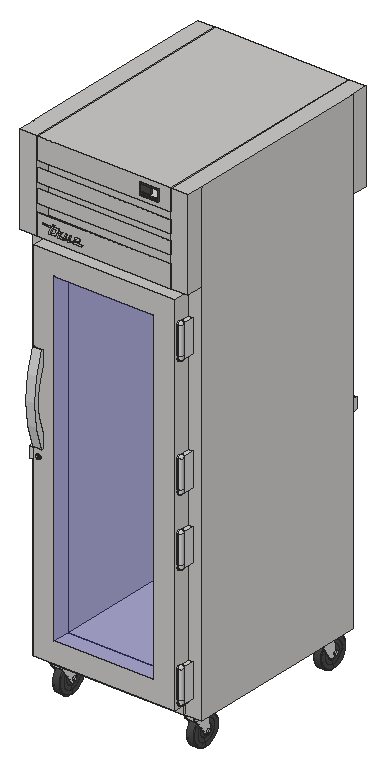
Revit family "QF_TRUE_STG1RPT-1G-1S-HC", category Specialty Equipment, Revit 2012
Parameters
  Weight in Pounds = 0
  Watts = Volts * FL Amps  # 437 W
  Volts = 115 V
  URL Manufacturer = "www.truemfg.com"
  URL Cutsheet = "www.truemfg.com"
  URL = "www.truemfg.com"
  Type Mark [instance] = ""
  Type Comments = "www.truemfg.com"
  Status [instance] = ""
  Specification by User [instance] = ""
  Specification by Manufacturer = ""
  Show Seismic Flanged [instance] = no
  Show Logo [instance] = yes
  Show Legs [instance] = no
  Show Clearance [instance] = yes
  Serial Number = ""
  Seismic Rating = ""
  Seismic Plate [instance] = and(Show Seismic Flanged, not(Show Casters))  # no
  SMACNA No = ""
  Revision Code [instance] = ""
  Phase = 1
  Omniclass Number and Title = ""
  Number of Poles [instance] = 1
  NAFEM Spec ID Number = ""
  Model = "STG1RPT-1G-1S-HC"
  Min Ckt Ampacity = 3.8 A
  Max Overcurrent Protection = 3.8 A
  MasterSpec. = ""
  Manufacturer = "TRUE FOOD SERVICE EQUIPMENT, INC."
  Length = 27 1/2"
  Legs [instance] = or(Show Legs, Show Seismic Flanged)  # no
  Item Number [instance] = ""
  Installed By [instance] = ""
  Identify Quantity as Lot [instance] = yes
  Height = 77 3/4"
  HP = "1/4"
  Furnished By [instance] = ""
  Foodservice Equipment Identifier [instance] = yes
  FL Amps = 3.8 A
  Electrical Remarks [instance] = ""
  Electric Connection Type [instance] = ""
  Elec Conn RI Height [instance] = 0"
  Elec Conn Connection Height [instance] = 0"
  Description = "PASS-THRU GLASS FRONT/SOLID REAR SWING DOORS REFRIGERATOR WITH HYDROCARBON REFRIGERANT WITH LED LIGHTING"
  Depth = 36 1/8"
  Cycle = 60 Hz
  Conn Plug = "5-15P"
  Conn Conduit = yes
  Show Casters [instance] = and(not(if(Show Legs, Show Legs, Show Legs)), not(if(Show Legs, Show Legs, Show Seismic Flanged)))  # yes
  CSI MasterFormat = ""
  CSI Master Format = ""
  Apparent Power = if(Phase = 3, Volts * FL Amps * 1.73, Volts * FL Amps)  # 437 VA
Reference planes (in)
  plane 1: z = 0
  plane 2 "LEFT": x = 0
  plane 3 "RIGHT": x = 27.5
  plane 4 "FRONT": y = -33.75
  plane 5 "TOP": z = 84.125
  plane 6: z = 6.125
  plane 7: y = -33.8917
  plane 8: y = 2.375
  plane 9: y = 4.03125
  plane 10: y = -35.40625
  plane 11: y = 25.40625
  plane 12: y = -56.78125
Forms (in)
  Extrusion 1, solid, material "QF_Finishes_Stainless Steel"
    sketch origin (0.09687, 0, 0) x (1, 0, 0) y (0, 1, 0)
      loop
        line (-0.09687, -0.375) -> (-0.09687, -31) -> (2.7625, -31) -> (2.7625, -0.375) -> (-0.09687, -0.375)
    from 6.125 to 84.125
  Extrusion 2, solid, material "QF_Finishes_Stainless Steel"
    sketch origin (50.15, 0, 0) x (1, 0, 0) y (0, 1, 0)
      loop
        line (-25.50937, -0.375) -> (-25.50937, -31) -> (-22.65, -31) -> (-22.65, -0.375) -> (-25.50937, -0.375)
    from 6.125 to 84.125
  Extrusion 3, solid, material "QF_Finishes_Stainless Steel"
    sketch origin (0, -0.1875, 0) x (0, 1, 0) y (0, 0, 1)
      loop
        line (-33.5625, 69.5) -> (-31, 69.5) -> (-31, 64.625) -> (0, 64.625) -> (0, 69.5) -> (2.5625, 69.5) -> (2.5625, 73.29302) -> (0.21659, 71.625) -> (0.21659, 72.90057) -> (2.5625, 74.56859) -> (2.5625, 76.6648) -> (0.21659, 74.99678) -> (0.21659, 75.95754) -> (2.5625, 77.62556) -> (2.5625, 79.75927) -> (0.21659, 78.09125) -> (0.21659, 79.21352) -> (2.5625, 80.88154) -> (2.5625, 84.125) -> (-33.5625, 84.125) -> (-33.5625, 80.68002) -> (-31.5, 79.21352) -> (-31.5, 78.09125) -> (-33.5625, 79.55776) -> (-33.5625, 77.42405) -> (-31.5, 75.95754) -> (-31.5, 74.99678) -> (-33.5625, 76.46328) -> (-33.5625, 74.36708) -> (-31.5, 72.90057) -> (-31.5, 71.625) -> (-33.5625, 73.09151) -> (-33.5625, 69.5)
      loop
        line (-31, 6.125) -> (0, 6.125) -> (0, 8.94743) -> (-31, 8.94743) -> (-31, 6.125)
    from 2.85938 to 24.64063
  Extrusion 4, solid, material "QF_Finishes_Stainless Steel"
    sketch origin (0.10531, 0, 0) x (1, 0, 0) y (0, 1, 0)
      loop
        line (27.34782, -31) -> (24.53532, -31) -> (24.53532, -33.75) -> (27.34782, -33.75) -> (27.34782, -31)
    from 69.5 to 84.125
  Extrusion 5, solid, material "QF_Finishes_Stainless Steel"
    sketch origin (-50.19421, 0, 0.25) x (1, 0, 0) y (0, 1, 0)
      loop
        line (53.05359, -31) -> (50.24109, -31) -> (50.24109, -33.75) -> (53.05359, -33.75) -> (53.05359, -31)
    from 69.25 to 83.875
  Extrusion 6, solid, material "QF_Finishes_Stainless Steel"
    sketch origin (-25.125, 0, -0.71875) x (1, 0, 0) y (0, 0, 1)
      loop
        line (27.40625, 8.75) -> (50.34375, 8.75) -> (50.34375, 68.6875) -> (27.40625, 68.6875) -> (27.40625, 8.75)
      loop
        line (30.75, 12.09375) -> (47, 12.09375) -> (47, 65.34375) -> (30.75, 65.34375) -> (30.75, 12.09375)
    from 31 to 33.75
  Extrusion 7, solid, material "QF_Finishes_Handrails and Railings"
    sketch origin (-8.56481, -0.26185, 93.525) x (0, 1, 0) y (0, 0, 1)
      loop
        line (-33.48815, -54.775) -> (-33.48815, -52.39813)
        arc (-33.48815, -52.39813) -> (-34.66767, -47.525) -> (-33.48815, -42.65188) r 10.65627
        line (-33.48815, -42.65188) -> (-33.48815, -40.275) -> (-33.7, -40.275)
        arc (-33.7, -40.275) -> (-35.1444, -47.525) -> (-33.7, -54.775) r 18.91753
        line (-33.7, -54.775) -> (-33.48815, -54.775)
    from 10.87731 to 12.37731
  Extrusion 8, solid, material "QF_Finishes_Handrails and Railings"
    sketch origin (-23.375, -0.1875, -2.6875) x (1, 0, 0) y (0, 0, 1)
      loop
        circle (26.4375, 40.0625) r 0.35
      loop
        line (26.47265, 40.33635) -> (26.41715, 40.33635) -> (26.41715, 39.76895) -> (26.47265, 39.76895) -> (26.47265, 40.33635)
    from 33.5625 to 33.625
  Extrusion 9, solid, material "QF_Finishes_Handrails and Railings", visible <- "Show Logo"
    sketch origin (0.33478, 1.08173, -6.73143) x (1, 0, 0) y (0, 0, 1)
      loop
        line (3.46044, 78.46231) -> (3.35478, 78.23573) -> (4.76027, 78.23573)
        arc (4.76027, 78.23573) -> (4.78879, 78.18528) -> (4.76027, 78.13484) r 0.05887
        line (4.76027, 78.13484) -> (4.39369, 77.34872)
        arc (4.39369, 77.34872) -> (4.39051, 77.27591) -> (4.43975, 77.22217) r 0.09523
        line (4.43975, 77.22217) -> (5.33844, 77.22217)
        arc (5.33844, 77.22217) -> (5.45192, 77.25795) -> (5.52436, 77.35235) r 0.19785
        line (5.52436, 77.35235) -> (5.81285, 77.97101) -> (6.0779, 77.97101)
        arc (6.0779, 77.97101) -> (6.14744, 77.94543) -> (6.13737, 77.87203) r 0.05911
        line (6.13737, 77.87203) -> (5.89598, 77.35437)
        arc (5.89598, 77.35437) -> (5.89974, 77.2684) -> (5.97231, 77.22217) r 0.09318
        line (5.97231, 77.22217) -> (6.76198, 77.22217)
        arc (6.76198, 77.22217) -> (6.82249, 77.24419) -> (6.85468, 77.29995) r 0.09412
        arc (6.85468, 77.29995) -> (6.87746, 77.24495) -> (6.93246, 77.22217) r 0.07778
        line (6.93246, 77.22217) -> (7.43246, 77.22217)
        arc (7.43246, 77.22217) -> (7.49022, 77.23765) -> (7.53251, 77.27993) r 0.11552
        arc (7.53251, 77.27993) -> (7.55275, 77.23106) -> (7.60162, 77.21081) r 0.06912
        line (7.60162, 77.21081) -> (8.31225, 77.21081)
        arc (8.31225, 77.21081) -> (8.37034, 77.23488) -> (8.39441, 77.29297) r 0.08216
        arc (8.39441, 77.29297) -> (8.44767, 77.23972) -> (8.52042, 77.22022) r 0.14551
        line (8.52042, 77.22022) -> (9.85158, 77.22022) -> (9.99946, 77.47634) -> (8.65678, 77.47634)
        arc (8.65678, 77.47634) -> (8.61972, 77.50204) -> (8.61834, 77.54711) r 0.05009
        line (8.61834, 77.54711) -> (8.64157, 77.59692)
        arc (8.64157, 77.59692) -> (8.67723, 77.64364) -> (8.73327, 77.66135) r 0.09747
        line (8.73327, 77.66135) -> (9.16485, 77.66135)
        arc (9.16485, 77.66135) -> (9.258, 77.68631) -> (9.32619, 77.7545) r 0.1863
        line (9.32619, 77.7545) -> (9.45119, 77.97101)
        arc (9.45119, 77.97101) -> (9.45119, 78.08657) -> (9.35111, 78.14434) r 0.11556
        line (9.35111, 78.14434) -> (8.89562, 78.14434)
        arc (8.89562, 78.14434) -> (8.7795, 78.12462) -> (8.69849, 78.03912) r 0.18605
        line (8.69849, 78.03912) -> (8.48204, 77.57493)
        arc (8.48204, 77.57493) -> (8.41815, 77.49167) -> (8.31806, 77.46011) r 0.1745
        line (8.31806, 77.46011) -> (7.84559, 77.46011)
        arc (7.84559, 77.46011) -> (7.78903, 77.52184) -> (7.79268, 77.60548) r 0.10939
        line (7.79268, 77.60548) -> (8.04395, 78.14434) -> (7.88403, 78.14434) -> (7.61781, 77.57344)
        arc (7.61781, 77.57344) -> (7.56609, 77.50603) -> (7.48505, 77.48048) r 0.14128
        line (7.48505, 77.48048) -> (7.15925, 77.48048)
        arc (7.15925, 77.48048) -> (7.10419, 77.55223) -> (7.116, 77.64189) r 0.11816
        line (7.116, 77.64189) -> (7.3503, 78.14434) -> (7.18514, 78.14434) -> (6.91546, 77.566)
        arc (6.91546, 77.566) -> (6.85285, 77.50339) -> (6.76733, 77.48048) r 0.17104
        line (6.76733, 77.48048) -> (6.29555, 77.48048)
        arc (6.29555, 77.48048) -> (6.21082, 77.51999) -> (6.20267, 77.61313) r 0.0935
        line (6.20267, 77.61313) -> (6.35774, 77.94569) -> (6.57695, 77.94569)
        arc (6.57695, 77.94569) -> (6.61395, 78.05717) -> (6.69267, 78.14434) r 0.2857
        line (6.69267, 78.14434) -> (5.83605, 78.14434)
        arc (5.83605, 78.14434) -> (5.74086, 78.12324) -> (5.67498, 78.05135) r 0.16212
        line (5.67498, 78.05135) -> (5.44279, 77.55341)
        arc (5.44279, 77.55341) -> (5.3894, 77.50002) -> (5.31647, 77.48048) r 0.14586
        line (5.31647, 77.48048) -> (4.80506, 77.48048)
        arc (4.80506, 77.48048) -> (4.76514, 77.53442) -> (4.77274, 77.60109) r 0.09155
        line (4.77274, 77.60109) -> (5.11018, 78.23573) -> (5.96155, 78.23573) -> (6.06721, 78.46231) -> (5.21584, 78.46231) -> (5.32149, 78.68888) -> (5.01862, 78.68888) -> (4.91297, 78.46231) -> (3.46044, 78.46231)
      loop
        arc (8.83805, 77.93863) -> (8.80119, 77.92875) -> (8.7742, 77.90176) r 0.07373
        line (8.7742, 77.90176) -> (8.75229, 77.83436)
        arc (8.75229, 77.83436) -> (8.76245, 77.80983) -> (8.78699, 77.79966) r 0.0347
        line (8.78699, 77.79966) -> (9.15948, 77.79966)
        arc (9.15948, 77.79966) -> (9.18632, 77.80561) -> (9.20812, 77.82234) r 0.0635
        line (9.20812, 77.82234) -> (9.22624, 77.90622)
        arc (9.22624, 77.90622) -> (9.22091, 77.92868) -> (9.20009, 77.93863) r 0.02676
        line (9.20009, 77.93863) -> (8.83805, 77.93863)
    from 34.64423 to 34.83173
  Extrusion 10, solid
    sketch origin (-25.125, 2.60721, 0) x (1, 0, 0) y (0, 0, 1)
      loop
        circle (49.375, 82) r 0.25
    from 0.23221 to 0.125
  Blend 11, solid, material "QF_Finishes_Handrails and Railings"
    base sketch origin (27.53125, 0, -0.6875) x (-1, 0, 0) y (0, 0, -1)
      loop
        line (25.25, -38.99169) -> (26, -38.99169) -> (26, -37.24169) -> (25.25, -37.24169) -> (25.25, -38.99169)
    top sketch origin (27.53125, 0, -0.6875) x (-1, 0, 0) y (0, 0, -1)
      loop
        line (26.18223, -36.6441) -> (25.25, -36.6441) -> (25.25, -39.42643) -> (26.18223, -39.42643) -> (26.18223, -36.6441)
    from 33.5625 to 31
  Extrusion 12, solid, material "QF_Finishes_Handrails and Railings"
    sketch origin (26.21875, 0.10979, 0) x (0, 1, 0) y (0, 0, -1)
      loop
        line (-31.10979, -64.55229) -> (-31.10979, -59.23627) -> (-33.25, -59.23627) -> (-33.25, -59.94848) -> (-32.81497, -59.94848) -> (-32.81497, -64.34776)
        arc (-32.81497, -64.34776) -> (-32.75506, -64.49238) -> (-32.61044, -64.55229) r 0.20453
        line (-32.61044, -64.55229) -> (-31.10979, -64.55229)
    from 0.17506 to 1
  Revolve 13, solid, material "QF_Finishes_Handrails and Railings"
    sketch origin (25.71875, 0.10979, 0) x (0, 1, 0) y (0, 0, -1)
      loop
        line (-33.26563, -60.00189) -> (-33.67229, -60.00189) -> (-33.67229, -64.4736)
        arc (-33.67229, -64.4736) -> (-33.53722, -64.72557) -> (-33.26563, -64.81483) r 0.3848
        line (-33.26563, -64.81483) -> (-33.26563, -60.00189)
      loop
        line (-33.26563, -59.94848) -> (-33.26563, -59.04781)
        arc (-33.26563, -59.04781) -> (-33.53264, -59.13383) -> (-33.67229, -59.37712) r 0.38884
        line (-33.67229, -59.37712) -> (-33.67229, -59.94848) -> (-33.26563, -59.94848)
      axis (-33.26563, -59.04781) -> (-33.26563, -64.81483)
    angle from 0 to 360
  Extrusion 14, solid, material "QF_Finishes_Handrails and Railings"
    sketch origin (27.53125, 0.10979, 0) x (-1, 0, 0) y (0, 0, -1)
      loop
        line (1.91491, -64.4736) -> (2.3125, -64.4736) -> (2.3125, -60.00079) -> (1.91491, -60.00079) -> (1.91491, -64.4736)
    from 32.81497 to 33.59495
  Extrusion 15, solid, material "QF_Finishes_Handrails and Railings"
    sketch origin (26.21875, 0.10979, -19.5) x (0, 1, 0) y (0, 0, -1)
      loop
        line (-31.10979, -64.55229) -> (-31.10979, -59.23627) -> (-33.25, -59.23627) -> (-33.25, -59.94848) -> (-32.81497, -59.94848) -> (-32.81497, -64.34776)
        arc (-32.81497, -64.34776) -> (-32.75506, -64.49238) -> (-32.61044, -64.55229) r 0.20453
        line (-32.61044, -64.55229) -> (-31.10979, -64.55229)
    from 0.17506 to 1
  Revolve 16, solid, material "QF_Finishes_Handrails and Railings"
    sketch origin (25.71875, 0.10979, -19.5) x (0, 1, 0) y (0, 0, -1)
      loop
        line (-33.26563, -60.00189) -> (-33.67229, -60.00189) -> (-33.67229, -64.4736)
        arc (-33.67229, -64.4736) -> (-33.53722, -64.72557) -> (-33.26563, -64.81483) r 0.3848
        line (-33.26563, -64.81483) -> (-33.26563, -60.00189)
      loop
        line (-33.26563, -59.94848) -> (-33.26563, -59.04781)
        arc (-33.26563, -59.04781) -> (-33.53264, -59.13383) -> (-33.67229, -59.37712) r 0.38884
        line (-33.67229, -59.37712) -> (-33.67229, -59.94848) -> (-33.26563, -59.94848)
      axis (-33.26563, -59.04781) -> (-33.26563, -64.81483)
    angle from 0 to 360
  Extrusion 17, solid, material "QF_Finishes_Handrails and Railings"
    sketch origin (27.53125, 0.10979, -19.5) x (-1, 0, 0) y (0, 0, -1)
      loop
        line (1.91491, -64.4736) -> (2.3125, -64.4736) -> (2.3125, -60.00079) -> (1.91491, -60.00079) -> (1.91491, -64.4736)
    from 32.81497 to 33.59495
  Extrusion 18, solid, material "QF_Finishes_Handrails and Railings"
    sketch origin (26.21875, 0.10979, -30.5) x (0, 1, 0) y (0, 0, -1)
      loop
        line (-31.10979, -64.55229) -> (-31.10979, -59.23627) -> (-33.25, -59.23627) -> (-33.25, -59.94848) -> (-32.81497, -59.94848) -> (-32.81497, -64.34776)
        arc (-32.81497, -64.34776) -> (-32.75506, -64.49238) -> (-32.61044, -64.55229) r 0.20453
        line (-32.61044, -64.55229) -> (-31.10979, -64.55229)
    from 0.17506 to 1
  Revolve 19, solid, material "QF_Finishes_Handrails and Railings"
    sketch origin (25.71875, 0.10979, -30.5) x (0, 1, 0) y (0, 0, -1)
      loop
        line (-33.26563, -60.00189) -> (-33.67229, -60.00189) -> (-33.67229, -64.4736)
        arc (-33.67229, -64.4736) -> (-33.53722, -64.72557) -> (-33.26563, -64.81483) r 0.3848
        line (-33.26563, -64.81483) -> (-33.26563, -60.00189)
      loop
        line (-33.26563, -59.94848) -> (-33.26563, -59.04781)
        arc (-33.26563, -59.04781) -> (-33.53264, -59.13383) -> (-33.67229, -59.37712) r 0.38884
        line (-33.67229, -59.37712) -> (-33.67229, -59.94848) -> (-33.26563, -59.94848)
      axis (-33.26563, -59.04781) -> (-33.26563, -64.81483)
    angle from 0 to 360
  Extrusion 20, solid, material "QF_Finishes_Handrails and Railings"
    sketch origin (27.53125, 0.10979, -30.5) x (-1, 0, 0) y (0, 0, -1)
      loop
        line (1.91491, -64.4736) -> (2.3125, -64.4736) -> (2.3125, -60.00079) -> (1.91491, -60.00079) -> (1.91491, -64.4736)
    from 32.81497 to 33.59495
  Extrusion 21, solid, material "QF_Finishes_Handrails and Railings"
    sketch origin (26.21875, 0.10979, -50.25) x (0, 1, 0) y (0, 0, -1)
      loop
        line (-31.10979, -64.55229) -> (-31.10979, -59.19743) -> (-33.25, -59.19743) -> (-33.25, -59.94848) -> (-32.81497, -59.94848) -> (-32.81497, -64.34776)
        arc (-32.81497, -64.34776) -> (-32.75506, -64.49238) -> (-32.61044, -64.55229) r 0.20453
        line (-32.61044, -64.55229) -> (-31.10979, -64.55229)
    from 0.17506 to 1
  Revolve 22, solid, material "QF_Finishes_Handrails and Railings"
    sketch origin (25.71875, 0.10979, -50.25) x (0, 1, 0) y (0, 0, -1)
      loop
        line (-33.26563, -60.00189) -> (-33.67229, -60.00189) -> (-33.67229, -64.4736)
        arc (-33.67229, -64.4736) -> (-33.53722, -64.72557) -> (-33.26563, -64.81483) r 0.3848
        line (-33.26563, -64.81483) -> (-33.26563, -60.00189)
      loop
        line (-33.26563, -59.94848) -> (-33.26563, -59.04781)
        arc (-33.26563, -59.04781) -> (-33.53264, -59.13383) -> (-33.67229, -59.37712) r 0.38884
        line (-33.67229, -59.37712) -> (-33.67229, -59.94848) -> (-33.26563, -59.94848)
      axis (-33.26563, -59.04781) -> (-33.26563, -64.81483)
    angle from 0 to 360
  Extrusion 23, solid, material "QF_Finishes_Handrails and Railings"
    sketch origin (27.53125, 0.10979, -50.25) x (-1, 0, 0) y (0, 0, -1)
      loop
        line (1.91491, -64.4736) -> (2.3125, -64.4736) -> (2.3125, -60.00079) -> (1.91491, -60.00079) -> (1.91491, -64.4736)
    from 32.81497 to 33.59495
  Revolve 24, solid, material "QF_Finishes_Black", visible <- "Show Casters"
    sketch origin (22.65625, -27.375, 0) x (1, 0, 0) y (0, 0, 1)
      loop
        line (1.475, 5) -> (1.375, 4.9) -> (1.375, 4.29941) -> (1.53601, 4.29941) -> (1.53601, 3.54941) -> (1.375, 3.54941) -> (1.375, 2.79941) -> (0.975, 2.79941) -> (0.975, 2.5) -> (3.025, 2.5) -> (3.025, 2.79941) -> (2.62908, 2.79941) -> (2.62908, 3.54941) -> (2.46399, 3.54941) -> (2.46399, 4.29941) -> (2.62908, 4.29941) -> (2.62908, 4.89592) -> (2.525, 5) -> (1.475, 5)
      axis (3.025, 2.5) -> (0.975, 2.5)
    angle from 0 to 360
  Extrusion 25, solid, material "QF_Finishes_Handrails and Railings", visible <- "Show Casters"
    sketch origin (22.65625, 0, 0) x (0, 1, 0) y (0, 0, 1)
      loop
        line (-29.95136, 5.48574) -> (-29.95136, 4.88089) -> (-29.70136, 4.88089) -> (-27.95216, 2.18736)
        arc (-27.95216, 2.18736) -> (-27.23883, 1.94868) -> (-26.84581, 2.59003) r 0.60416
        line (-26.84581, 2.59003) -> (-27.20136, 5.48574) -> (-29.95136, 5.48574)
      loop
        line (-4.07645, 5.48574) -> (-4.07645, 4.88089) -> (-3.82645, 4.88089) -> (-2.07725, 2.18736)
        arc (-2.07725, 2.18736) -> (-1.36392, 1.94868) -> (-0.9709, 2.59003) r 0.60416
        line (-0.9709, 2.59003) -> (-1.32645, 5.48574) -> (-4.07645, 5.48574)
    from 1.175 to 1.325
  Extrusion 26, solid, material "QF_Finishes_Handrails and Railings", visible <- "Show Casters"
    sketch origin (24.15625, 0, 0) x (0, 1, 0) y (0, 0, 1)
      loop
        line (-29.95136, 5.48574) -> (-29.95136, 4.88089) -> (-29.70136, 4.88089) -> (-27.95216, 2.18736)
        arc (-27.95216, 2.18736) -> (-27.23883, 1.94868) -> (-26.84581, 2.59003) r 0.60416
        line (-26.84581, 2.59003) -> (-27.20136, 5.48574) -> (-29.95136, 5.48574)
      loop
        line (-4.45145, 5.48574) -> (-4.45145, 4.88089) -> (-4.20145, 4.88089) -> (-2.45225, 2.18736)
        arc (-2.45225, 2.18736) -> (-1.73892, 1.94868) -> (-1.3459, 2.59003) r 0.60416
        line (-1.3459, 2.59003) -> (-1.70145, 5.48574) -> (-4.45145, 5.48574)
    from 1.175 to 1.325
  Revolve 27, solid, material "QF_Finishes_Chrome - Satin", visible <- "Show Casters"
    sketch origin (22.65625, -28.5625, -0.5) x (1, 0, 0) y (0, 0, 1)
      loop
        line (2, 5.99546) -> (2, 6.625) -> (0.70293, 6.625) -> (0.70293, 5.99546) -> (2, 5.99546)
      axis (2, 5.99546) -> (2, 6.625)
    angle from 0 to 360
  Revolve 28, solid, material "QF_Finishes_Chrome - Satin", visible <- "Legs"
    sketch origin (22.65625, -2.69102, 0) x (1, 0, 0) y (0, 0, 1)
      loop
        line (2, 6.125) -> (0.66662, 6.125) -> (1.25, 1) -> (1.5, 1) -> (1.5, 0) -> (2, 0) -> (2, 6.125)
      axis (2, 0) -> (2, 6.125)
    angle from 0 to 360
  Revolve 29, solid, material "QF_Finishes_Chrome - Satin", visible <- "Legs"
    sketch origin (22.65625, -28.5625, 0) x (1, 0, 0) y (0, 0, 1)
      loop
        line (2, 6.125) -> (0.66662, 6.125) -> (1.25, 1) -> (1.5, 1) -> (1.5, 0) -> (2, 0) -> (2, 6.125)
      axis (2, 0) -> (2, 6.125)
    angle from 0 to 360
  Revolve 30, solid, material "QF_Finishes_Chrome - Satin", visible <- "Show Casters"
    sketch origin (22.65625, -2.70321, -0.5) x (1, 0, 0) y (0, 0, 1)
      loop
        line (2, 5.99546) -> (2, 6.625) -> (0.70293, 6.625) -> (0.70293, 5.99546) -> (2, 5.99546)
      axis (2, 5.99546) -> (2, 6.625)
    angle from 0 to 360
  Extrusion 31, solid, material "QF_Finishes_Handrails and Railings", visible <- "Show Casters"
    sketch origin (-25.125, 0, 0) x (0, 1, 0) y (0, 0, 1)
      loop
        line (-29.95136, 5.48574) -> (-29.95136, 4.88089) -> (-29.70136, 4.88089) -> (-27.16533, 5.19227) -> (-27.20136, 5.48574) -> (-29.95136, 5.48574)
      loop
        line (-4.07645, 5.48574) -> (-4.07645, 4.88089) -> (-3.82645, 4.88089) -> (-1.29042, 5.19227) -> (-1.32645, 5.48574) -> (-4.07645, 5.48574)
    from 49.10625 to 50.45625
  Revolve 32, solid, material "QF_Finishes_Black", visible <- "Show Casters"
    sketch origin (22.65625, -1.4375, 0) x (1, 0, 0) y (0, 0, 1)
      loop
        line (1.475, 5) -> (1.375, 4.9) -> (1.375, 4.29941) -> (1.53601, 4.29941) -> (1.53601, 3.54941) -> (1.375, 3.54941) -> (1.375, 2.79941) -> (0.975, 2.79941) -> (0.975, 2.5) -> (3.025, 2.5) -> (3.025, 2.79941) -> (2.62908, 2.79941) -> (2.62908, 3.54941) -> (2.46399, 3.54941) -> (2.46399, 4.29941) -> (2.62908, 4.29941) -> (2.62908, 4.89592) -> (2.525, 5) -> (1.475, 5)
      axis (3.025, 2.5) -> (0.975, 2.5)
    angle from 0 to 360
  Revolve 33, solid, material "QF_Finishes_Black", visible <- "Show Casters"
    sketch origin (0.84375, -27.375, 0) x (1, 0, 0) y (0, 0, 1)
      loop
        line (1.475, 5) -> (1.375, 4.9) -> (1.375, 4.29941) -> (1.53601, 4.29941) -> (1.53601, 3.54941) -> (1.375, 3.54941) -> (1.375, 2.79941) -> (0.975, 2.79941) -> (0.975, 2.5) -> (3.025, 2.5) -> (3.025, 2.79941) -> (2.62908, 2.79941) -> (2.62908, 3.54941) -> (2.46399, 3.54941) -> (2.46399, 4.29941) -> (2.62908, 4.29941) -> (2.62908, 4.89592) -> (2.525, 5) -> (1.475, 5)
      axis (3.025, 2.5) -> (0.975, 2.5)
    angle from 0 to 360
  Extrusion 34, solid, material "QF_Finishes_Handrails and Railings", visible <- "Show Casters"
    sketch origin (0.84375, 0, 0) x (0, 1, 0) y (0, 0, 1)
      loop
        line (-29.95136, 5.48574) -> (-29.95136, 4.88089) -> (-29.70136, 4.88089) -> (-27.95216, 2.18736)
        arc (-27.95216, 2.18736) -> (-27.23883, 1.94868) -> (-26.84581, 2.59003) r 0.60416
        line (-26.84581, 2.59003) -> (-27.20136, 5.48574) -> (-29.95136, 5.48574)
      loop
        line (-4.07645, 5.48574) -> (-4.07645, 4.88089) -> (-3.82645, 4.88089) -> (-2.07725, 2.18736)
        arc (-2.07725, 2.18736) -> (-1.36392, 1.94868) -> (-0.9709, 2.59003) r 0.60416
        line (-0.9709, 2.59003) -> (-1.32645, 5.48574) -> (-4.07645, 5.48574)
    from 1.175 to 1.325
  Extrusion 35, solid, material "QF_Finishes_Handrails and Railings", visible <- "Show Casters"
    sketch origin (2.34375, 0, 0) x (0, 1, 0) y (0, 0, 1)
      loop
        line (-29.95136, 5.48574) -> (-29.95136, 4.88089) -> (-29.70136, 4.88089) -> (-27.95216, 2.18736)
        arc (-27.95216, 2.18736) -> (-27.23883, 1.94868) -> (-26.84581, 2.59003) r 0.60416
        line (-26.84581, 2.59003) -> (-27.20136, 5.48574) -> (-29.95136, 5.48574)
      loop
        line (-4.07645, 5.48574) -> (-4.07645, 4.88089) -> (-3.82645, 4.88089) -> (-2.07725, 2.18736)
        arc (-2.07725, 2.18736) -> (-1.36392, 1.94868) -> (-0.9709, 2.59003) r 0.60416
        line (-0.9709, 2.59003) -> (-1.32645, 5.48574) -> (-4.07645, 5.48574)
    from 1.175 to 1.325
  Revolve 36, solid, material "QF_Finishes_Chrome - Satin", visible <- "Show Casters"
    sketch origin (0.84375, -28.5625, -0.5) x (1, 0, 0) y (0, 0, 1)
      loop
        line (2, 5.99546) -> (2, 6.625) -> (0.70293, 6.625) -> (0.70293, 5.99546) -> (2, 5.99546)
      axis (2, 5.99546) -> (2, 6.625)
    angle from 0 to 360
  Revolve 37, solid, material "QF_Finishes_Chrome - Satin", visible <- "Legs"
    sketch origin (0.84375, -2.69102, 0) x (1, 0, 0) y (0, 0, 1)
      loop
        line (2, 6.125) -> (0.66662, 6.125) -> (1.25, 1) -> (1.5, 1) -> (1.5, 0) -> (2, 0) -> (2, 6.125)
      axis (2, 0) -> (2, 6.125)
    angle from 0 to 360
  Revolve 38, solid, material "QF_Finishes_Chrome - Satin", visible <- "Legs"
    sketch origin (0.84375, -28.5625, 0) x (1, 0, 0) y (0, 0, 1)
      loop
        line (2, 6.125) -> (0.66662, 6.125) -> (1.25, 1) -> (1.5, 1) -> (1.5, 0) -> (2, 0) -> (2, 6.125)
      axis (2, 0) -> (2, 6.125)
    angle from 0 to 360
  Revolve 39, solid, material "QF_Finishes_Chrome - Satin", visible <- "Show Casters"
    sketch origin (0.84375, -2.70321, -0.5) x (1, 0, 0) y (0, 0, 1)
      loop
        line (2, 5.99546) -> (2, 6.625) -> (0.70293, 6.625) -> (0.70293, 5.99546) -> (2, 5.99546)
      axis (2, 5.99546) -> (2, 6.625)
    angle from 0 to 360
  Extrusion 40, solid, material "QF_Finishes_Handrails and Railings", visible <- "Show Casters"
    sketch origin (-46.9375, 0, 0) x (0, 1, 0) y (0, 0, 1)
      loop
        line (-29.95136, 5.48574) -> (-29.95136, 4.88089) -> (-29.70136, 4.88089) -> (-27.16533, 5.19227) -> (-27.20136, 5.48574) -> (-29.95136, 5.48574)
      loop
        line (-4.07645, 5.48574) -> (-4.07645, 4.88089) -> (-3.82645, 4.88089) -> (-1.29042, 5.19227) -> (-1.32645, 5.48574) -> (-4.07645, 5.48574)
    from 49.10625 to 50.45625
  Revolve 41, solid, material "QF_Finishes_Black", visible <- "Show Casters"
    sketch origin (0.84375, -1.4375, 0) x (1, 0, 0) y (0, 0, 1)
      loop
        line (1.475, 5) -> (1.375, 4.9) -> (1.375, 4.29941) -> (1.53601, 4.29941) -> (1.53601, 3.54941) -> (1.375, 3.54941) -> (1.375, 2.79941) -> (0.975, 2.79941) -> (0.975, 2.5) -> (3.025, 2.5) -> (3.025, 2.79941) -> (2.62908, 2.79941) -> (2.62908, 3.54941) -> (2.46399, 3.54941) -> (2.46399, 4.29941) -> (2.62908, 4.29941) -> (2.62908, 4.89592) -> (2.525, 5) -> (1.475, 5)
      axis (3.025, 2.5) -> (0.975, 2.5)
    angle from 0 to 360
  Extrusion 42, solid, material "Glass"
    sketch origin (-25.125, 0, -0.71875) x (1, 0, 0) y (0, 0, 1)
      loop
        line (30.75, 12.09375) -> (47, 12.09375) -> (47, 65.34375) -> (30.75, 65.34375) -> (30.75, 12.09375)
    from 31 to 33.75
  Extrusion 43, solid, material "QF_Finishes_Stainless Steel"
    sketch origin (-25.125, -31.7042, -0.71875) x (1, 0, 0) y (0, 0, -1)
      loop
        line (27.40625, -68.6875) -> (50.34375, -68.6875) -> (50.34375, -8.75) -> (27.40625, -8.75) -> (27.40625, -68.6875)
    from 31.3292 to 34.0792
  Extrusion 44, solid, material "QF_Finishes_Stainless Steel"
    sketch origin (0.10531, -31.3292, 0) x (1, 0, 0) y (0, 1, 0)
      loop
        line (27.34782, 30.9542) -> (27.34782, 33.7042) -> (24.53532, 33.7042) -> (24.53532, 30.9542) -> (27.34782, 30.9542)
    from 69.5 to 84.125
  Extrusion 45, solid, material "QF_Finishes_Stainless Steel"
    sketch origin (-50.14734, -31.3292, 0.25) x (1, 0, 0) y (0, 1, 0)
      loop
        line (53.00671, 30.9542) -> (53.00671, 33.7042) -> (50.19421, 33.7042) -> (50.19421, 30.9542) -> (53.00671, 30.9542)
    from 69.25 to 83.875
  Extrusion 46, solid, material "QF_Finishes_Handrails and Railings"
    sketch origin (1.28125, -31.48479, 0) x (0, -1, 0) y (0, 0, -1)
      loop
        line (-31.10979, -64.55229) -> (-31.10979, -59.23627) -> (-33.25, -59.23627) -> (-33.25, -59.94848) -> (-32.81497, -59.94848) -> (-32.81497, -64.34776)
        arc (-32.81497, -64.34776) -> (-32.75506, -64.49238) -> (-32.61044, -64.55229) r 0.20453
        line (-32.61044, -64.55229) -> (-31.10979, -64.55229)
    from 0.17506 to 1
  Revolve 47, solid, material "QF_Finishes_Handrails and Railings"
    sketch origin (1.78125, -31.48479, 0) x (0, -1, 0) y (0, 0, -1)
      loop
        line (-33.26563, -60.00189) -> (-33.67229, -60.00189) -> (-33.67229, -64.4736)
        arc (-33.67229, -64.4736) -> (-33.53722, -64.72557) -> (-33.26563, -64.81483) r 0.3848
        line (-33.26563, -64.81483) -> (-33.26563, -60.00189)
      loop
        line (-33.26563, -59.94848) -> (-33.26563, -59.04781)
        arc (-33.26563, -59.04781) -> (-33.53264, -59.13383) -> (-33.67229, -59.37712) r 0.38884
        line (-33.67229, -59.37712) -> (-33.67229, -59.94848) -> (-33.26563, -59.94848)
      axis (-33.26563, -59.04781) -> (-33.26563, -64.81483)
    angle from 0 to 360
  Extrusion 48, solid, material "QF_Finishes_Handrails and Railings"
    sketch origin (-0.03125, -31.48479, 0) x (1, 0, 0) y (0, 0, -1)
      loop
        line (1.91491, -64.4736) -> (2.3125, -64.4736) -> (2.3125, -60.00079) -> (1.91491, -60.00079) -> (1.91491, -64.4736)
    from 32.81497 to 33.59495
  Extrusion 49, solid, material "QF_Finishes_Handrails and Railings"
    sketch origin (1.28125, -31.48479, -19.5) x (0, -1, 0) y (0, 0, -1)
      loop
        line (-31.10979, -64.55229) -> (-31.10979, -59.23627) -> (-33.25, -59.23627) -> (-33.25, -59.94848) -> (-32.81497, -59.94848) -> (-32.81497, -64.34776)
        arc (-32.81497, -64.34776) -> (-32.75506, -64.49238) -> (-32.61044, -64.55229) r 0.20453
        line (-32.61044, -64.55229) -> (-31.10979, -64.55229)
    from 0.17506 to 1
  Revolve 50, solid, material "QF_Finishes_Handrails and Railings"
    sketch origin (1.78125, -31.48479, -19.5) x (0, -1, 0) y (0, 0, -1)
      loop
        line (-33.26563, -60.00189) -> (-33.67229, -60.00189) -> (-33.67229, -64.4736)
        arc (-33.67229, -64.4736) -> (-33.53722, -64.72557) -> (-33.26563, -64.81483) r 0.3848
        line (-33.26563, -64.81483) -> (-33.26563, -60.00189)
      loop
        line (-33.26563, -59.94848) -> (-33.26563, -59.04781)
        arc (-33.26563, -59.04781) -> (-33.53264, -59.13383) -> (-33.67229, -59.37712) r 0.38884
        line (-33.67229, -59.37712) -> (-33.67229, -59.94848) -> (-33.26563, -59.94848)
      axis (-33.26563, -59.04781) -> (-33.26563, -64.81483)
    angle from 0 to 360
  Extrusion 51, solid, material "QF_Finishes_Handrails and Railings"
    sketch origin (-0.03125, -31.48479, -19.5) x (1, 0, 0) y (0, 0, -1)
      loop
        line (1.91491, -64.4736) -> (2.3125, -64.4736) -> (2.3125, -60.00079) -> (1.91491, -60.00079) -> (1.91491, -64.4736)
    from 32.81497 to 33.59495
  Extrusion 52, solid, material "QF_Finishes_Handrails and Railings"
    sketch origin (1.28125, -31.48479, -30.5) x (0, -1, 0) y (0, 0, -1)
      loop
        line (-31.10979, -64.55229) -> (-31.10979, -59.23627) -> (-33.25, -59.23627) -> (-33.25, -59.94848) -> (-32.81497, -59.94848) -> (-32.81497, -64.34776)
        arc (-32.81497, -64.34776) -> (-32.75506, -64.49238) -> (-32.61044, -64.55229) r 0.20453
        line (-32.61044, -64.55229) -> (-31.10979, -64.55229)
    from 0.17506 to 1
  Revolve 53, solid, material "QF_Finishes_Handrails and Railings"
    sketch origin (1.78125, -31.48479, -30.5) x (0, -1, 0) y (0, 0, -1)
      loop
        line (-33.26563, -60.00189) -> (-33.67229, -60.00189) -> (-33.67229, -64.4736)
        arc (-33.67229, -64.4736) -> (-33.53722, -64.72557) -> (-33.26563, -64.81483) r 0.3848
        line (-33.26563, -64.81483) -> (-33.26563, -60.00189)
      loop
        line (-33.26563, -59.94848) -> (-33.26563, -59.04781)
        arc (-33.26563, -59.04781) -> (-33.53264, -59.13383) -> (-33.67229, -59.37712) r 0.38884
        line (-33.67229, -59.37712) -> (-33.67229, -59.94848) -> (-33.26563, -59.94848)
      axis (-33.26563, -59.04781) -> (-33.26563, -64.81483)
    angle from 0 to 360
  Extrusion 54, solid, material "QF_Finishes_Handrails and Railings"
    sketch origin (-0.03125, -31.48479, -30.5) x (1, 0, 0) y (0, 0, -1)
      loop
        line (1.91491, -64.4736) -> (2.3125, -64.4736) -> (2.3125, -60.00079) -> (1.91491, -60.00079) -> (1.91491, -64.4736)
    from 32.81497 to 33.59495
  Extrusion 55, solid, material "QF_Finishes_Handrails and Railings"
    sketch origin (1.28125, -31.48479, -50.25) x (0, -1, 0) y (0, 0, -1)
      loop
        line (-31.10979, -64.55229) -> (-31.10979, -59.19743) -> (-33.25, -59.19743) -> (-33.25, -59.94848) -> (-32.81497, -59.94848) -> (-32.81497, -64.34776)
        arc (-32.81497, -64.34776) -> (-32.75506, -64.49238) -> (-32.61044, -64.55229) r 0.20453
        line (-32.61044, -64.55229) -> (-31.10979, -64.55229)
    from 0.17506 to 1
  Revolve 56, solid, material "QF_Finishes_Handrails and Railings"
    sketch origin (1.78125, -31.48479, -50.25) x (0, -1, 0) y (0, 0, -1)
      loop
        line (-33.26563, -60.00189) -> (-33.67229, -60.00189) -> (-33.67229, -64.4736)
        arc (-33.67229, -64.4736) -> (-33.53722, -64.72557) -> (-33.26563, -64.81483) r 0.3848
        line (-33.26563, -64.81483) -> (-33.26563, -60.00189)
      loop
        line (-33.26563, -59.94848) -> (-33.26563, -59.04781)
        arc (-33.26563, -59.04781) -> (-33.53264, -59.13383) -> (-33.67229, -59.37712) r 0.38884
        line (-33.67229, -59.37712) -> (-33.67229, -59.94848) -> (-33.26563, -59.94848)
      axis (-33.26563, -59.04781) -> (-33.26563, -64.81483)
    angle from 0 to 360
  Extrusion 57, solid, material "QF_Finishes_Handrails and Railings"
    sketch origin (-0.03125, -31.48479, -50.25) x (1, 0, 0) y (0, 0, -1)
      loop
        line (1.91491, -64.4736) -> (2.3125, -64.4736) -> (2.3125, -60.00079) -> (1.91491, -60.00079) -> (1.91491, -64.4736)
    from 32.81497 to 33.59495
  Extrusion 58, solid, material "QF_Finishes_Handrails and Railings"
    sketch origin (-31.525, -31.11349, 25.82117) x (-1, 0, 0) y (0, -1, 0)
      loop
        line (-54.775, -33.48849) -> (-54.775, -33.7)
        arc (-54.775, -33.7) -> (-47.525, -35.14474) -> (-40.275, -33.7) r 18.91336
        line (-40.275, -33.7) -> (-40.275, -33.48849) -> (-42.65235, -33.48849)
        arc (-42.65235, -33.48849) -> (-47.525, -34.6585) -> (-52.39765, -33.48849) r 10.73141
        line (-52.39765, -33.48849) -> (-54.775, -33.48849)
    from 10.87731 to 12.12731
  Extrusion 59, solid, material "QF_Finishes_Handrails and Railings"
    sketch origin (51, -31.39133, -2.6875) x (-1, 0, 0) y (0, 0, 1)
      loop
        circle (26.4375, 40.0625) r 0.35
      loop
        line (26.47265, 40.33635) -> (26.41715, 40.33635) -> (26.41715, 39.76895) -> (26.47265, 39.76895) -> (26.47265, 40.33635)
    from 33.76633 to 33.82883
  Blend 60, solid, material "QF_Finishes_Handrails and Railings"
    base sketch origin (-0.03125, -31.57883, -0.6875) x (1, 0, 0) y (0, 0, -1)
      loop
        line (25.25, -38.99169) -> (26, -38.99169) -> (26, -37.24169) -> (25.25, -37.24169) -> (25.25, -38.99169)
    top sketch origin (-0.03125, -31.57883, -0.6875) x (1, 0, 0) y (0, 0, -1)
      loop
        line (26.18223, -36.6441) -> (25.25, -36.6441) -> (25.25, -39.42643) -> (26.18223, -39.42643) -> (26.18223, -36.6441)
    from 33.95383 to 31.20383
  Extrusion 61, solid, material "QF_Finishes_White"
    sketch origin (-23.16691, 0.87626, 1.58022) x (1, 0, 0) y (0, 0, 1)
      loop
        line (42.91107, 81.73227) -> (42.91107, 79.98496) -> (45.81732, 79.98496) -> (45.81732, 81.73227) -> (42.91107, 81.73227)
    from 34.62626 to 34.72001
  Extrusion 62, solid, material "QF_Finishes_Black"
    sketch origin (-23.16691, 0.87626, 1.58022) x (1, 0, 0) y (0, 0, 1)
      loop
        line (45.87982, 81.79477) -> (42.84857, 81.79477) -> (42.84857, 79.92246) -> (45.87982, 79.92246) -> (45.87982, 81.79477)
      loop
        spline (43.04857, 80.25372) -> (43.05708, 80.23754) -> (43.08206, 80.22247) -> (43.12179, 80.20952) -> (43.17357, 80.19959) -> (43.23386, 80.19335) -> (43.29857, 80.19122) -> (43.36327, 80.19335) -> (43.42357, 80.19959) -> (43.47534, 80.20952) -> (43.51507, 80.22247) -> (43.54005, 80.23754) -> (43.54857, 80.25372)
        spline (43.54857, 80.25372) -> (43.54005, 80.26989) -> (43.51507, 80.28497) -> (43.47534, 80.29791) -> (43.42357, 80.30784) -> (43.36327, 80.31409) -> (43.29857, 80.31622) -> (43.23386, 80.31409) -> (43.17357, 80.30784) -> (43.12179, 80.29791) -> (43.08206, 80.28497) -> (43.05708, 80.26989) -> (43.04857, 80.25372)
      loop
        spline (43.74458, 80.25372) -> (43.7531, 80.23754) -> (43.77807, 80.22247) -> (43.8178, 80.20952) -> (43.86958, 80.19959) -> (43.92987, 80.19335) -> (43.99458, 80.19122) -> (44.05928, 80.19335) -> (44.11958, 80.19959) -> (44.17136, 80.20952) -> (44.21109, 80.22247) -> (44.23606, 80.23754) -> (44.24458, 80.25372)
        spline (44.24458, 80.25372) -> (44.23606, 80.26989) -> (44.21109, 80.28497) -> (44.17136, 80.29791) -> (44.11958, 80.30784) -> (44.05928, 80.31409) -> (43.99458, 80.31622) -> (43.92987, 80.31409) -> (43.86958, 80.30784) -> (43.8178, 80.29791) -> (43.77807, 80.28497) -> (43.7531, 80.26989) -> (43.74458, 80.25372)
      loop
        spline (44.49458, 80.25372) -> (44.5031, 80.23754) -> (44.52807, 80.22247) -> (44.5678, 80.20952) -> (44.61958, 80.19959) -> (44.67987, 80.19335) -> (44.74458, 80.19122) -> (44.80928, 80.19335) -> (44.86958, 80.19959) -> (44.92136, 80.20952) -> (44.96109, 80.22247) -> (44.98606, 80.23754) -> (44.99458, 80.25372)
        spline (44.99458, 80.25372) -> (44.98606, 80.26989) -> (44.96109, 80.28497) -> (44.92136, 80.29791) -> (44.86958, 80.30784) -> (44.80928, 80.31409) -> (44.74458, 80.31622) -> (44.67987, 80.31409) -> (44.61958, 80.30784) -> (44.5678, 80.29791) -> (44.52807, 80.28497) -> (44.5031, 80.26989) -> (44.49458, 80.25372)
      loop
        line (43.04856, 81.59478) -> (43.04856, 80.59478) -> (44.74808, 80.59478) -> (44.74808, 81.59478) -> (43.04856, 81.59478)
      loop
        line (45.81732, 81.73227) -> (42.91107, 81.73227) -> (42.91107, 79.98496) -> (45.81732, 79.98496) -> (45.81732, 81.73227)
      loop
        spline (45.24458, 80.25372) -> (45.2531, 80.23754) -> (45.27807, 80.22247) -> (45.3178, 80.20952) -> (45.36958, 80.19959) -> (45.42987, 80.19335) -> (45.49458, 80.19122) -> (45.55928, 80.19335) -> (45.61958, 80.19959) -> (45.67136, 80.20952) -> (45.71109, 80.22247) -> (45.73606, 80.23754) -> (45.74458, 80.25372)
        spline (45.74458, 80.25372) -> (45.73606, 80.26989) -> (45.71109, 80.28497) -> (45.67136, 80.29791) -> (45.61958, 80.30784) -> (45.55928, 80.31409) -> (45.49458, 80.31622) -> (45.42987, 80.31409) -> (45.36958, 80.30784) -> (45.3178, 80.29791) -> (45.27807, 80.28497) -> (45.2531, 80.26989) -> (45.24458, 80.25372)
    from 34.62626 to 34.81376
  Extrusion 63, solid, material "QF_Door-Drawer Clearances", visible <- "Show Clearance", detail levels coarse
    sketch origin (26.42841, -3.60924, 0) x (1, 0, 0) y (0, 1, 0)
      loop
        line (-1.20966, -30.14076) -> (-24.14829, -30.14076)
        arc (-24.14829, -30.14076) -> (-17.4272, -46.38552) -> (-1.20966, -53.17201) r 23.05934
        line (-1.20966, -53.17201) -> (-1.20966, -30.14076)
      loop
        line (-24.14716, 5.98424) -> (-1.20853, 5.98424)
        arc (-1.20853, 5.98424) -> (-7.92947, 22.22914) -> (-24.14716, 29.01549) r 23.05884
        line (-24.14716, 29.01549) -> (-24.14716, 5.98424)
    from 8.03125 to 67.96875
  Extrusion 64, solid, material "QF_Finishes_Chrome - Satin", visible <- "Seismic Plate"
    sketch origin (-0.22541, -26.86834, 0) x (1, 0, 0) y (0, 1, 0)
      loop
        circle (3.06916, -1.69416) r 1.5
    from 0 to 0.25
  Extrusion 65, solid, material "QF_Finishes_Chrome - Satin", visible <- "Seismic Plate"
    sketch origin (-0.22541, -0.99687, 0) x (1, 0, 0) y (0, 1, 0)
      loop
        circle (3.06916, -1.69416) r 1.5
    from 0 to 0.25
  Extrusion 66, solid, material "QF_Finishes_Chrome - Satin", visible <- "Seismic Plate"
    sketch origin (21.49334, -0.99687, 0) x (1, 0, 0) y (0, 1, 0)
      loop
        circle (3.16291, -1.69416) r 1.5
    from 0 to 0.25
  Extrusion 67, solid, material "QF_Finishes_Chrome - Satin", visible <- "Seismic Plate"
    sketch origin (21.49334, -26.86834, 0) x (1, 0, 0) y (0, 1, 0)
      loop
        circle (3.16291, -1.69416) r 1.5
    from 0 to 0.25
Cuts and joins
  joined: Extrusion 1, Extrusion 2, Extrusion 4, Extrusion 5, Extrusion 44, Extrusion 45
Lines and regions (in)
  symbolic lines
    curve 1: line (0, -33.75, 0) -> (0, 2.375, 0)
    curve 2: line (27.5, -33.75, 0) -> (0, -33.75, 0)
    curve 3: line (27.5, 2.375, 0) -> (27.5, -33.75, 0)
    curve 21: line (2.3125, -33.75, 0) -> (2.3125, -35.40625, 0)
    curve 22: line (2.3125, -35.40625, 0) -> (3.8125, -35.40625, 0)
    curve 23: line (3.8125, -35.40625, 0) -> (3.8125, -33.75, 0)
    curve 24: line (27.5, 2.375, 0) -> (0, 2.375, 0)
    curve 25: line (27.5, -31, 0) -> (0, -31, 0)
    curve 26: line (27.5, -0.375, 0) -> (0, -0.375, 0)
    curve 30: arc (23.25, 2.58651, 0) -> (16, 4.03125, 0) -> (8.75, 2.58651, 0) r 18.91336
    curve 31: arc (11.12735, 2.375, 0) -> (16, 3.54501, 0) -> (20.87265, 2.375, 0) r 10.73141
    curve 32: line (23.25, 2.375, 0) -> (23.25, 2.58651, 0)
    curve 33: line (8.75, 2.58651, 0) -> (8.75, 2.375, 0)
  symbolic lines, style "SpecialityEquipmentHiddenLines", visible <- "Show Casters"
    curve 4: line (3.91409, -24.76035, 0) -> (5.00001, -25.3873, 0)
    curve 5: line (1.41409, -29.09048, 0) -> (3.91409, -24.76035, 0)
    curve 6: line (2.50001, -29.71743, 0) -> (1.41409, -29.09048, 0)
    curve 7: line (5.00001, -25.3873, 0) -> (2.50001, -29.71743, 0)
    curve 8: line (3.70097, -0.6373, 0) -> (4.78688, -1.26426, 0)
    curve 9: line (1.20097, -4.96743, 0) -> (3.70097, -0.6373, 0)
    curve 10: line (2.28688, -5.59438, 0) -> (1.20097, -4.96743, 0)
    curve 11: line (4.78688, -1.26426, 0) -> (2.28688, -5.59438, 0)
    curve 12: line (24.82156, -0.76035, 0) -> (25.90747, -1.3873, 0)
    curve 13: line (22.32156, -5.09048, 0) -> (24.82156, -0.76035, 0)
    curve 14: line (23.40747, -5.71743, 0) -> (22.32156, -5.09048, 0)
    curve 15: line (25.90747, -1.3873, 0) -> (23.40747, -5.71743, 0)
    curve 16: line (24.82156, -24.86443, 0) -> (25.90747, -25.49138, 0)
    curve 17: line (22.32156, -29.19455, 0) -> (24.82156, -24.86443, 0)
    curve 18: line (23.40747, -29.82151, 0) -> (22.32156, -29.19455, 0)
    curve 19: line (25.90747, -25.49138, 0) -> (23.40747, -29.82151, 0)
  symbolic lines, style "QF_Door-Drawer Clearances"
    curve 20: line (25.21875, -33.75, 0) -> (5.35331, -45.21932, 0)
    curve 27: arc (5.35331, -45.21932, 0) -> (3.06173, -39.68696, 0) -> (2.28012, -33.75, 0) r 22.93863
    curve 28: line (2.28125, 2.375, 0) -> (22.14669, 13.84432, 0)
    curve 29: arc (22.14669, 13.84432, 0) -> (24.43827, 8.31196, 0) -> (25.21988, 2.375, 0) r 22.93863
Dimensions and locks (in)
  plane 6 to level = 6 1/8"
  plane 5 "TOP" to level = 84 1/8"
  plane 5 "TOP" to plane 6 = 78"
  "Length": plane 2 "LEFT" to plane 3 "RIGHT"
  "Depth": plane 4 "FRONT" to plane 8
  plane 3 "RIGHT" to plane 2 "LEFT" = 27 1/2"
  Extrusion 6 to plane 2 "LEFT" = 2 9/32"
  plane 3 "RIGHT" to Extrusion 6 = 2 9/32"
  Extrusion 6 to plane 6 = 1 29/32"
  Extrusion 3 to Extrusion 6 = 1 17/32"
  Extrusion 6 to Extrusion 7 = 14 23/32"
  Extrusion 7 to Extrusion 8 = 1 3/8"
  cut or joined group of Extrusion 1, Extrusion 2, Extrusion 4, Extrusion 5, Extrusion 44, Extrusion 45 to cut or joined group of Extrusion 1, Extrusion 2, Extrusion 4, Extrusion 5, Extrusion 44, Extrusion 45 = 2 13/16"  (x2)
  cut or joined group of Extrusion 1, Extrusion 2, Extrusion 4, Extrusion 5, Extrusion 44, Extrusion 45 to cut or joined group of Extrusion 1, Extrusion 2, Extrusion 4, Extrusion 5, Extrusion 44, Extrusion 45 = 27 13/32"
  Extrusion 6 to Extrusion 6 = 22 15/16"
  plane 4 "FRONT" to plane 8 = 36 1/8"
  cut or joined group of Extrusion 1, Extrusion 2, Extrusion 4, Extrusion 5, Extrusion 44, Extrusion 45 to cut or joined group of Extrusion 1, Extrusion 2, Extrusion 4, Extrusion 5, Extrusion 44, Extrusion 45 = 30 5/8"  (x2)
  plane 8 to plane 4 "FRONT" = 36 1/8"
  plane 9 to plane 10 = 39 7/16"
  plane 11 to plane 8 = 23 1/32"
  plane 12 to plane 4 "FRONT" = 23 1/32"
  aligned and locked: level to plane 1
  aligned and locked: Extrusion 3 to cut or joined group of Extrusion 1, Extrusion 2, Extrusion 4, Extrusion 5, Extrusion 44, Extrusion 45  (x2)
Automatic sketch dimensions
  plane 7 to Extrusion 3 sketch curve = 0.1417"  (x4)
  Extrusion 3 sketch curve to plane 5 "TOP" = 0"
  plane 7 to Extrusion 3 sketch curve = 2.2042"
  Extrusion 3 sketch curve to Extrusion 3 sketch curve = 0"  (x6)
  Extrusion 3 sketch curve to Extrusion 3 sketch curve = 1/2"
  plane 7 to Extrusion 3 sketch curve = 2.7042"
  Extrusion 3 sketch curve to Extrusion 3 sketch curve = 2.34591"  (x2)
  Extrusion 3 sketch curve to plane 5 "TOP" = 3.24346"
  Extrusion 3 sketch curve to plane 5 "TOP" = 3.44498"
  Extrusion 3 sketch curve to Extrusion 3 sketch curve = 1.12227"  (x4)
  Extrusion 3 sketch curve to Extrusion 3 sketch curve = 0.54575"
  Extrusion 3 sketch curve to Extrusion 3 sketch curve = 0.34424"
  Extrusion 3 sketch curve to Extrusion 3 sketch curve = 2.13371"  (x4)
  Extrusion 3 sketch curve to Extrusion 3 sketch curve = 0.96076"  (x4)
  Extrusion 3 sketch curve to Extrusion 3 sketch curve = 2.0962"  (x4)
  Extrusion 3 sketch curve to Extrusion 3 sketch curve = 1.27557"  (x4)
  Extrusion 3 sketch curve to Extrusion 3 sketch curve = 2 1/8"  (x2)
  Extrusion 3 sketch curve to Extrusion 3 sketch curve = 4 7/8"
  plane 6 to Extrusion 3 sketch curve = 2.82243"
  Extrusion 3 sketch curve to plane 6 = 0"
  Extrusion 12 sketch curve to plane 4 "FRONT" = 0.60979"
  Extrusion 12 sketch curve to Extrusion 12 sketch curve = 0.43503"
  Extrusion 12 sketch curve to Extrusion 12 sketch curve = 0.20453"
  Extrusion 12 sketch curve to Extrusion 12 sketch curve = 1.50065"
  Extrusion 12 sketch curve to plane 5 "TOP" = 19.57271"
  Extrusion 12 sketch curve to Extrusion 12 sketch curve = 4.39928"
  Extrusion 12 sketch curve to Extrusion 12 sketch curve = 0.71221"
  Revolve 13 sketch curve to plane 4 "FRONT" = 3/16"  (x2)
  Revolve 13 sketch curve to Revolve 13 sketch curve = 0.38242"
  Revolve 13 sketch curve to Revolve 13 sketch curve = 0.38436"
  Revolve 13 sketch curve to plane 4 "FRONT" = 0.59416"
  Revolve 13 sketch curve to Revolve 13 sketch curve = 0.40666"
  Revolve 13 sketch curve to Revolve 13 sketch curve = 0"
  Revolve 13 sketch curve to plane 5 "TOP" = 18.75492"
  Revolve 13 sketch curve to Revolve 13 sketch curve = 0.55526"
  Revolve 13 sketch curve to Revolve 13 sketch curve = 0.19474"
  Revolve 13 sketch curve to Revolve 13 sketch curve = 0.14649"
  Revolve 13 sketch curve to Revolve 13 sketch curve = 4.42889"
  Revolve 13 sketch curve to Revolve 13 sketch curve = 0.05342"
  Revolve 13 sketch curve to Revolve 13 sketch curve = 0.51246"
  Revolve 13 sketch curve to Revolve 13 sketch curve = 0.05889"
  Extrusion 15 sketch curve to plane 4 "FRONT" = 0.60979"
  Extrusion 15 sketch curve to Extrusion 15 sketch curve = 0.43503"
  Extrusion 15 sketch curve to Extrusion 15 sketch curve = 0.20453"
  Extrusion 15 sketch curve to Extrusion 15 sketch curve = 1.50065"
  plane 6 to Extrusion 15 sketch curve = 38.92729"
  Extrusion 15 sketch curve to Extrusion 15 sketch curve = 4.39928"
  Extrusion 15 sketch curve to Extrusion 15 sketch curve = 0.71221"
  Revolve 16 sketch curve to plane 4 "FRONT" = 3/16"  (x2)
  Revolve 16 sketch curve to Revolve 16 sketch curve = 0.38242"
  Revolve 16 sketch curve to Revolve 16 sketch curve = 0.38436"
  Revolve 16 sketch curve to plane 4 "FRONT" = 0.59416"
  Revolve 16 sketch curve to Revolve 16 sketch curve = 0.40666"
  Revolve 16 sketch curve to Revolve 16 sketch curve = 0"
  Revolve 16 sketch curve to plane 5 "TOP" = 38.25492"
  Revolve 16 sketch curve to Revolve 16 sketch curve = 0.55526"
  Revolve 16 sketch curve to Revolve 16 sketch curve = 0.19474"
  Revolve 16 sketch curve to Revolve 16 sketch curve = 0.14649"
  Revolve 16 sketch curve to Revolve 16 sketch curve = 4.42889"
  Revolve 16 sketch curve to Revolve 16 sketch curve = 0.05342"
  Revolve 16 sketch curve to Revolve 16 sketch curve = 0.51246"
  Revolve 16 sketch curve to Revolve 16 sketch curve = 0.05889"
  Extrusion 18 sketch curve to plane 4 "FRONT" = 0.60979"
  Extrusion 18 sketch curve to Extrusion 18 sketch curve = 0.43503"
  Extrusion 18 sketch curve to Extrusion 18 sketch curve = 0.20453"
  Extrusion 18 sketch curve to Extrusion 18 sketch curve = 1.50065"
  plane 6 to Extrusion 18 sketch curve = 27.92729"
  Extrusion 18 sketch curve to Extrusion 18 sketch curve = 4.39928"
  Extrusion 18 sketch curve to Extrusion 18 sketch curve = 0.71221"
  Revolve 19 sketch curve to plane 4 "FRONT" = 3/16"  (x2)
  Revolve 19 sketch curve to Revolve 19 sketch curve = 0.38242"
  Revolve 19 sketch curve to Revolve 19 sketch curve = 0.38436"
  Revolve 19 sketch curve to plane 4 "FRONT" = 0.59416"
  Revolve 19 sketch curve to Revolve 19 sketch curve = 0.40666"
  Revolve 19 sketch curve to Revolve 19 sketch curve = 0"
  plane 6 to Revolve 19 sketch curve = 28.74508"
  Revolve 19 sketch curve to Revolve 19 sketch curve = 0.55526"
  Revolve 19 sketch curve to Revolve 19 sketch curve = 0.19474"
  Revolve 19 sketch curve to Revolve 19 sketch curve = 0.14649"
  Revolve 19 sketch curve to Revolve 19 sketch curve = 4.42889"
  Revolve 19 sketch curve to Revolve 19 sketch curve = 0.05342"
  Revolve 19 sketch curve to Revolve 19 sketch curve = 0.51246"
  Revolve 19 sketch curve to Revolve 19 sketch curve = 0.05889"
  Extrusion 21 sketch curve to plane 4 "FRONT" = 0.60979"
  Extrusion 21 sketch curve to Extrusion 21 sketch curve = 0.43503"
  Extrusion 21 sketch curve to Extrusion 21 sketch curve = 0.20453"
  Extrusion 21 sketch curve to Extrusion 21 sketch curve = 1.50065"
  plane 6 to Extrusion 21 sketch curve = 8.17729"
  plane 6 to Extrusion 21 sketch curve = 3.57348"
  Extrusion 21 sketch curve to Extrusion 21 sketch curve = 0.75105"
  Revolve 22 sketch curve to plane 4 "FRONT" = 3/16"  (x2)
  Revolve 22 sketch curve to Revolve 22 sketch curve = 0.38242"
  Revolve 22 sketch curve to Revolve 22 sketch curve = 0.38436"
  Revolve 22 sketch curve to plane 4 "FRONT" = 0.59416"
  Revolve 22 sketch curve to Revolve 22 sketch curve = 0.40666"
  Revolve 22 sketch curve to Revolve 22 sketch curve = 0"
  plane 6 to Revolve 22 sketch curve = 8.99508"
  Revolve 22 sketch curve to Revolve 22 sketch curve = 0.55526"
  Revolve 22 sketch curve to Revolve 22 sketch curve = 0.19474"
  Revolve 22 sketch curve to Revolve 22 sketch curve = 0.14649"
  plane 6 to Revolve 22 sketch curve = 3.62689"
  Revolve 22 sketch curve to Revolve 22 sketch curve = 0.05342"
  Revolve 22 sketch curve to Revolve 22 sketch curve = 0.51246"
  Revolve 22 sketch curve to Revolve 22 sketch curve = 0.05889"
  Extrusion 25 sketch curve to plane 6 = 0.63926"  (x2)
  Extrusion 25 sketch curve to plane 4 "FRONT" = 3.79864"
  Extrusion 25 sketch curve to Extrusion 25 sketch curve = 1/4"  (x2)
  level to Extrusion 25 sketch curve = 2.18736"  (x2)
  Extrusion 25 sketch curve to Extrusion 25 sketch curve = 1.7492"  (x2)
  Extrusion 25 sketch curve to Extrusion 25 sketch curve = 0.50669"  (x2)
  Extrusion 25 sketch curve to Extrusion 25 sketch curve = 2 1/2"  (x2)
  level to Extrusion 25 sketch curve = 2.59003"
  Extrusion 25 sketch curve to Extrusion 25 sketch curve = 0.59966"  (x2)
  Extrusion 25 sketch curve to Extrusion 25 sketch curve = 0.32905"
  Extrusion 25 sketch curve to Extrusion 25 sketch curve = 0.60485"  (x2)
  Extrusion 31 sketch curve to plane 6 = 0.63926"  (x2)
  Extrusion 31 sketch curve to plane 4 "FRONT" = 3.79864"
  Extrusion 31 sketch curve to Extrusion 31 sketch curve = 1/4"  (x2)
  Extrusion 31 sketch curve to Extrusion 31 sketch curve = 2 1/2"  (x2)
  Extrusion 31 sketch curve to plane 6 = 0.93273"  (x2)
  Extrusion 31 sketch curve to Extrusion 31 sketch curve = 0.03603"
  Extrusion 31 sketch curve to plane 6 = 1.24411"
  Extrusion 34 sketch curve to plane 6 = 0.63926"  (x2)
  Extrusion 34 sketch curve to plane 4 "FRONT" = 3.79864"
  Extrusion 34 sketch curve to Extrusion 34 sketch curve = 1/4"  (x2)
  level to Extrusion 34 sketch curve = 2.18736"  (x2)
  Extrusion 34 sketch curve to Extrusion 34 sketch curve = 1.7492"  (x2)
  Extrusion 34 sketch curve to Extrusion 34 sketch curve = 0.50669"  (x2)
  Extrusion 34 sketch curve to Extrusion 34 sketch curve = 2 1/2"  (x2)
  level to Extrusion 34 sketch curve = 2.59003"
  Extrusion 34 sketch curve to Extrusion 34 sketch curve = 0.59966"  (x2)
  Extrusion 34 sketch curve to Extrusion 34 sketch curve = 0.32905"
  Extrusion 34 sketch curve to Extrusion 34 sketch curve = 0.60485"  (x2)
  Extrusion 35 sketch curve to plane 6 = 0.63926"  (x2)
  Extrusion 35 sketch curve to plane 4 "FRONT" = 3.79864"
  Extrusion 35 sketch curve to Extrusion 35 sketch curve = 1/4"  (x2)
  level to Extrusion 35 sketch curve = 2.18736"  (x2)
  Extrusion 35 sketch curve to Extrusion 35 sketch curve = 1.7492"  (x2)
  Extrusion 35 sketch curve to Extrusion 35 sketch curve = 0.50669"  (x2)
  Extrusion 35 sketch curve to Extrusion 35 sketch curve = 2 1/2"  (x2)
  level to Extrusion 35 sketch curve = 2.59003"
  Extrusion 35 sketch curve to Extrusion 35 sketch curve = 0.59966"  (x2)
  Extrusion 35 sketch curve to Extrusion 35 sketch curve = 0.32905"
  Extrusion 35 sketch curve to Extrusion 35 sketch curve = 0.60485"  (x2)
  Extrusion 40 sketch curve to plane 6 = 0.63926"  (x2)
  Extrusion 40 sketch curve to plane 4 "FRONT" = 3.79864"
  Extrusion 40 sketch curve to Extrusion 40 sketch curve = 1/4"  (x2)
  Extrusion 40 sketch curve to Extrusion 40 sketch curve = 2 1/2"  (x2)
  Extrusion 40 sketch curve to plane 6 = 0.93273"  (x2)
  Extrusion 40 sketch curve to Extrusion 40 sketch curve = 0.03603"
  Extrusion 40 sketch curve to plane 6 = 1.24411"
  Extrusion 46 sketch curve to Extrusion 46 sketch curve = 0.43503"
  Extrusion 46 sketch curve to Extrusion 46 sketch curve = 0.20453"
  Extrusion 46 sketch curve to plane 5 "TOP" = 19.57271"
  Extrusion 46 sketch curve to Extrusion 46 sketch curve = 4.39928"
  Extrusion 46 sketch curve to Extrusion 46 sketch curve = 0.71221"
  Revolve 47 sketch curve to Revolve 47 sketch curve = 0.38242"
  Revolve 47 sketch curve to Revolve 47 sketch curve = 0.38436"
  Revolve 47 sketch curve to Revolve 47 sketch curve = 0.02425"
  Revolve 47 sketch curve to Revolve 47 sketch curve = 0.40666"  (x2)
  Revolve 47 sketch curve to Revolve 47 sketch curve = 0"
  Revolve 47 sketch curve to plane 5 "TOP" = 18.75492"
  Revolve 47 sketch curve to Revolve 47 sketch curve = 0.55526"
  Revolve 47 sketch curve to Revolve 47 sketch curve = 0.19474"
  Revolve 47 sketch curve to Revolve 47 sketch curve = 0.14649"
  Revolve 47 sketch curve to Revolve 47 sketch curve = 4.42889"
  Revolve 47 sketch curve to Revolve 47 sketch curve = 0.05342"
  Revolve 47 sketch curve to Revolve 47 sketch curve = 0.51246"
  Revolve 47 sketch curve to Revolve 47 sketch curve = 0.05889"
  Extrusion 49 sketch curve to Extrusion 49 sketch curve = 0.43503"
  Extrusion 49 sketch curve to Extrusion 49 sketch curve = 0.20453"
  plane 6 to Extrusion 49 sketch curve = 38.92729"
  Extrusion 49 sketch curve to Extrusion 49 sketch curve = 4.39928"
  Extrusion 49 sketch curve to Extrusion 49 sketch curve = 0.71221"
  Revolve 50 sketch curve to Revolve 50 sketch curve = 0.38242"
  Revolve 50 sketch curve to Revolve 50 sketch curve = 0.38436"
  Revolve 50 sketch curve to Revolve 50 sketch curve = 0.02425"
  Revolve 50 sketch curve to Revolve 50 sketch curve = 0.40666"  (x2)
